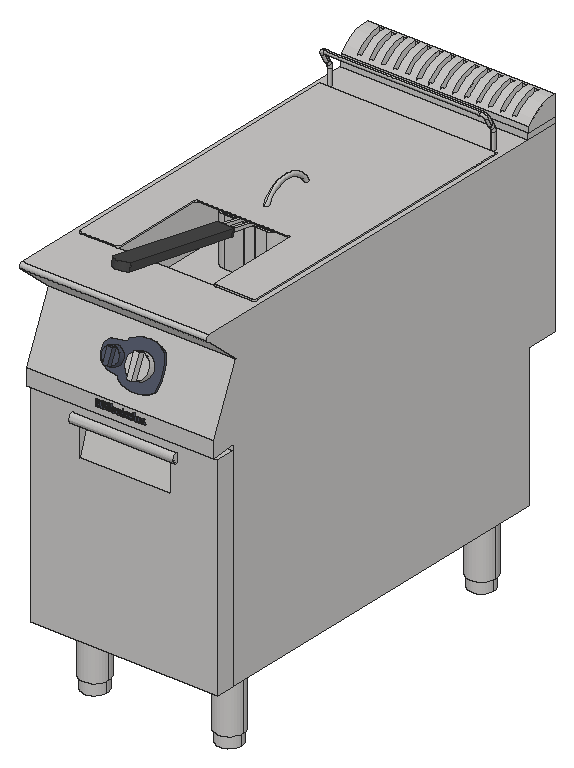
Revit family "QF_ELECTROLUXPROFESSIONAL_391599_E9KKETBAMCI", category Attrezzature speciali, Revit 2021 (continued)
Automatic sketch dimensions
  Extrusion 21 sketch curve to Extrusion 21 sketch curve = 2.51 mm
  Extrusion 21 sketch curve to Extrusion 21 sketch curve = 0.187 mm
  Extrusion 21 sketch curve to Extrusion 21 sketch curve = 2.559 mm
  Extrusion 21 sketch curve to Extrusion 21 sketch curve = 1.556 mm
  Extrusion 21 sketch curve to Extrusion 21 sketch curve = 0.222 mm
  Extrusion 21 sketch curve to Extrusion 21 sketch curve = 1.383 mm
  Extrusion 21 sketch curve to Extrusion 21 sketch curve = 3.114 mm
  Extrusion 21 sketch curve to Extrusion 21 sketch curve = 3.376 mm
  Extrusion 21 sketch curve to Extrusion 21 sketch curve = 0.934 mm
  Extrusion 21 sketch curve to Extrusion 21 sketch curve = 0.191 mm
  Extrusion 21 sketch curve to Extrusion 21 sketch curve = 3.696 mm
  Extrusion 21 sketch curve to Extrusion 21 sketch curve = 2.708 mm
  Extrusion 21 sketch curve to Extrusion 21 sketch curve = 3.333 mm
  Extrusion 21 sketch curve to Extrusion 21 sketch curve = 0.332 mm
  Extrusion 21 sketch curve to Extrusion 21 sketch curve = 1.087 mm
  Extrusion 21 sketch curve to Extrusion 21 sketch curve = 2.23 mm
  Extrusion 21 sketch curve to Extrusion 21 sketch curve = 2.757 mm
  Extrusion 21 sketch curve to Extrusion 21 sketch curve = 0.987 mm
  Extrusion 21 sketch curve to Extrusion 21 sketch curve = 1.529 mm
  Extrusion 21 sketch curve to Extrusion 21 sketch curve = 1.796 mm
  Extrusion 21 sketch curve to Extrusion 21 sketch curve = 2.859 mm
  Extrusion 21 sketch curve to Extrusion 21 sketch curve = 0.853 mm
  Extrusion 21 sketch curve to Extrusion 21 sketch curve = 1.241 mm
  Extrusion 21 sketch curve to Extrusion 21 sketch curve = 2.046 mm  (x2)
  Extrusion 21 sketch curve to Extrusion 21 sketch curve = 2.422 mm
  Extrusion 21 sketch curve to Extrusion 21 sketch curve = 0.27 mm  (x2)
  Extrusion 21 sketch curve to Extrusion 21 sketch curve = 0.69 mm
  Extrusion 21 sketch curve to Extrusion 21 sketch curve = 0.781 mm  (x2)
  Extrusion 21 sketch curve to Extrusion 21 sketch curve = 3.136 mm
  Extrusion 21 sketch curve to Extrusion 21 sketch curve = 1.767 mm
  Extrusion 21 sketch curve to Extrusion 21 sketch curve = 0.138 mm
  Extrusion 21 sketch curve to Extrusion 21 sketch curve = 0.777 mm
  Extrusion 21 sketch curve to Extrusion 21 sketch curve = 1.19 mm
  Extrusion 21 sketch curve to Extrusion 21 sketch curve = 0.782 mm
  Extrusion 21 sketch curve to Extrusion 21 sketch curve = 1.268 mm
  Extrusion 21 sketch curve to Extrusion 21 sketch curve = 0.422 mm  (x2)
  Extrusion 21 sketch curve to Extrusion 21 sketch curve = 1.559 mm
  Extrusion 21 sketch curve to Extrusion 21 sketch curve = 3.927 mm
  Extrusion 21 sketch curve to Extrusion 21 sketch curve = 0.983 mm
  Extrusion 21 sketch curve to Extrusion 21 sketch curve = 1.134 mm
  Extrusion 21 sketch curve to Extrusion 21 sketch curve = 0.094 mm
  Extrusion 21 sketch curve to Extrusion 21 sketch curve = 1.584 mm
  Extrusion 21 sketch curve to Extrusion 21 sketch curve = 0.916 mm
  Extrusion 21 sketch curve to Extrusion 21 sketch curve = 0.352 mm
  Extrusion 21 sketch curve to Extrusion 21 sketch curve = 0.458 mm
  Extrusion 21 sketch curve to Extrusion 21 sketch curve = 1.282 mm
  Extrusion 21 sketch curve to Extrusion 21 sketch curve = 0.685 mm
  Extrusion 21 sketch curve to Extrusion 21 sketch curve = 0.905 mm
  Extrusion 21 sketch curve to Extrusion 21 sketch curve = 2.865 mm
  Extrusion 21 sketch curve to Extrusion 21 sketch curve = 0.472 mm
  Extrusion 21 sketch curve to Extrusion 21 sketch curve = 0.101 mm
  Extrusion 21 sketch curve to Extrusion 21 sketch curve = 0.54 mm
  Extrusion 21 sketch curve to Extrusion 21 sketch curve = 0.02 mm
  Extrusion 21 sketch curve to Extrusion 21 sketch curve = 0.468 mm
  Extrusion 21 sketch curve to Extrusion 21 sketch curve = 0.829 mm
  Extrusion 21 sketch curve to Extrusion 21 sketch curve = 0.582 mm
  Extrusion 21 sketch curve to Extrusion 21 sketch curve = 0.166 mm
  Extrusion 21 sketch curve to Extrusion 21 sketch curve = 0.16 mm
  Extrusion 21 sketch curve to Extrusion 21 sketch curve = 2.781 mm
  Extrusion 21 sketch curve to Extrusion 21 sketch curve = 1.118 mm
  Extrusion 21 sketch curve to Extrusion 21 sketch curve = 0.613 mm
  Extrusion 21 sketch curve to Extrusion 21 sketch curve = 0.361 mm
  Extrusion 21 sketch curve to Extrusion 21 sketch curve = 0.897 mm
  Extrusion 21 sketch curve to Extrusion 21 sketch curve = 0.167 mm
  Extrusion 21 sketch curve to Extrusion 21 sketch curve = 0.292 mm
  Extrusion 21 sketch curve to Extrusion 21 sketch curve = 0.305 mm
  Extrusion 21 sketch curve to Extrusion 21 sketch curve = 1.557 mm
  Extrusion 21 sketch curve to Extrusion 21 sketch curve = 2.499 mm
  Extrusion 21 sketch curve to Extrusion 21 sketch curve = 3.062 mm
  Extrusion 21 sketch curve to Extrusion 21 sketch curve = 2.968 mm
  Extrusion 21 sketch curve to Extrusion 21 sketch curve = 5.044 mm
  Extrusion 21 sketch curve to Extrusion 21 sketch curve = 0.629 mm  (x2)
  Extrusion 21 sketch curve to Extrusion 21 sketch curve = 1.131 mm
  Extrusion 21 sketch curve to Extrusion 21 sketch curve = 0.137 mm
  Extrusion 21 sketch curve to Extrusion 21 sketch curve = 0.027 mm
  Extrusion 21 sketch curve to Extrusion 21 sketch curve = 2.235 mm
  Extrusion 22 sketch curve to Extrusion 22 sketch curve = 0 mm  (x2)
  Extrusion 22 sketch curve to plane 7 "Center Y" = 7.904 mm
  Extrusion 22 sketch curve to plane 7 "Center Y" = 14.86 mm
  Extrusion 22 sketch curve to Extrusion 22 sketch curve = 112.63 mm
  Extrusion 22 sketch curve to Extrusion 22 sketch curve = 1.398 mm
  Extrusion 22 sketch curve to Extrusion 22 sketch curve = 5.918 mm
  Extrusion 22 sketch curve to Extrusion 22 sketch curve = 7.825 mm
  Extrusion 22 sketch curve to Extrusion 22 sketch curve = 12.433 mm
  Extrusion 22 sketch curve to Extrusion 22 sketch curve = 33.329 mm
  Extrusion 22 sketch curve to Extrusion 22 sketch curve = 28.808 mm
  Extrusion 22 sketch curve to Extrusion 22 sketch curve = 2.986 mm
  Extrusion 22 sketch curve to Extrusion 22 sketch curve = 35.441 mm
  Extrusion 22 sketch curve to Extrusion 22 sketch curve = 23.969 mm
  Extrusion 22 sketch curve to plane 7 "Center Y" = 15.937 mm
  Extrusion 22 sketch curve to Extrusion 22 sketch curve = 31.993 mm
  Extrusion 22 sketch curve to Extrusion 22 sketch curve = 0.131 mm
  Extrusion 22 sketch curve to Extrusion 22 sketch curve = 36.738 mm
  Extrusion 22 sketch curve to Extrusion 22 sketch curve = 6.105 mm
  plane 7 "Center Y" to Extrusion 22 sketch curve = 23.064 mm
  Extrusion 22 sketch curve to Extrusion 22 sketch curve = 0.002 mm
  Extrusion 22 sketch curve to Extrusion 22 sketch curve = 38.412 mm
  Extrusion 22 sketch curve to Extrusion 22 sketch curve = 11.842 mm
  Extrusion 24 sketch curve to Extrusion 24 sketch curve = 24.732 mm
  Extrusion 24 sketch curve to Extrusion 24 sketch curve = 0 mm
  Extrusion 26 sketch curve to Extrusion 26 sketch curve = 0 mm
  Extrusion 26 sketch curve to Extrusion 26 sketch curve = 7.232 mm  (x3)
  Extrusion 26 sketch curve to Extrusion 26 sketch curve = 17.5 mm
  Extrusion 26 sketch curve to Extrusion 26 sketch curve = 5.786 mm
  plane 10 "TOP A" to Extrusion 28 sketch curve = 2.752 mm
  Extrusion 28 sketch curve to Extrusion 28 sketch curve = 2.306 mm
  Extrusion 28 sketch curve to Extrusion 28 sketch curve = 42.039 mm
  Extrusion 28 sketch curve to Extrusion 28 sketch curve = 6.254 mm
  Extrusion 28 sketch curve to Extrusion 28 sketch curve = 59.061 mm
  Extrusion 3 sketch curve to plane 8 "Center X" = 115.196 mm
  Sweep 4 sketch curve to plane 8 "Center X" = 56.67 mm
  Extrusion 14 sketch curve to plane 18 = 83.25 mm
  Extrusion 14 sketch curve to Extrusion 14 sketch curve = 7.158 mm
  Extrusion 14 sketch curve to Extrusion 14 sketch curve = 18.997 mm
  Extrusion 15 sketch curve to plane 8 "Center X" = 80.89 mm
  Extrusion 28 sketch curve to plane 18 = 83.25 mm
  Extrusion 28 sketch curve to Extrusion 28 sketch curve = 7.158 mm
  Extrusion 28 sketch curve to Extrusion 28 sketch curve = 5.916 mm
  Extrusion 29 sketch curve to plane 15 = 24 mm
  plane 16 to Extrusion 29 sketch curve = 24 mm
  Extrusion 29 sketch curve to plane 5 "FRONT" = 30 mm
  Extrusion 29 sketch curve to plane 21 = 177 mm
  curve 94 to curve 95 = 0 mm
  curve 101 to curve 102 = 0 mm
  curve 27 to plane 4 "RIGHT" = 0 mm
  curve 23 to plane 4 "RIGHT" = 0 mm
  plane 5 "FRONT" to curve 24 = 0 mm
  curve 116 to plane 23 = 0 mm
  curve 4 to plane 3 "LEFT" = 0 mm
  plane 1 "BACK" to curve 29 = 0 mm
  plane 5 "FRONT" to curve 3 = 0 mm
  plane 5 "FRONT" to curve 1 = 0 mm
  curve 17 to plane 4 "RIGHT" = 11.548 mm
  curve 16 to curve 16 = 6.218 mm
  curve 109 to curve 16 = 0 mm
  curve 17 to curve 102 = 9.722 mm
  curve 103 to curve 106 = 3.955 mm
  curve 102 to curve 102 = 3.999 mm
  curve 106 to curve 107 = 1.398 mm
  curve 92 to plane 22 = 15.347 mm
  curve 104 to curve 105 = 2.174 mm
  curve 107 to curve 25 = 2.65 mm
  curve 91 to plane 22 = 6.051 mm
  plane 15 to curve 86 = 0.859 mm
  curve 87 to plane 15 = 8.437 mm
  curve 24 to plane 15 = 18.24 mm
  curve 116 to plane 15 = 24 mm
  curve 87 to curve 84 = 16.193 mm
  curve 84 to curve 83 = 9.296 mm
  curve 15 to plane 15 = 37.387 mm
  curve 15 to curve 14 = 6.325 mm
  curve 13 to curve 13 = 6.35 mm
  curve 83 to curve 80 = 16.193 mm
  curve 80 to curve 79 = 9.296 mm
  plane 1 "BACK" to curve 77 = 6.761 mm
  curve 78 to curve 77 = 16.193 mm
  curve 76 to curve 75 = 9.296 mm
  curve 75 to curve 72 = 16.193 mm
  curve 72 to curve 71 = 9.296 mm
  plane 7 "Center Y" to curve 37 = 18.613 mm
  curve 71 to curve 68 = 16.193 mm
  curve 30 to curve 37 = 3.5 mm
  curve 32 to curve 108 = 0.579 mm
  curve 108 to curve 35 = 5.857 mm
  plane 7 "Center Y" to curve 67 = 8.121 mm
  plane 7 "Center Y" to curve 19 = 4.443 mm
  curve 112 to plane 7 "Center Y" = 0.005 mm
  curve 113 to plane 7 "Center Y" = 0.005 mm
  curve 21 to plane 7 "Center Y" = 0.006 mm
  curve 64 to plane 7 "Center Y" = 8.071 mm
  curve 33 to plane 7 "Center Y" = 8.686 mm
  curve 33 to curve 34 = 5.857 mm
  curve 34 to curve 32 = 0.57 mm
  curve 62 to curve 63 = 9.296 mm
  curve 112 to plane 7 "Center Y" = 18.622 mm
  curve 63 to curve 60 = 16.193 mm
  curve 58 to curve 59 = 9.296 mm
  curve 59 to curve 57 = 16.193 mm
  curve 56 to curve 55 = 9.296 mm
  plane 1 "BACK" to curve 53 = 6.761 mm
  curve 54 to curve 53 = 16.193 mm
  curve 52 to curve 51 = 9.296 mm
  plane 16 to curve 11 = 47.563 mm
  curve 11 to curve 10 = 6.35 mm
  curve 9 to curve 9 = 6.272 mm
  curve 51 to curve 49 = 16.193 mm
  curve 46 to curve 46 = 9.296 mm
  plane 16 to curve 114 = 24 mm
  plane 16 to curve 45 = 8.487 mm
  plane 16 to curve 23 = 3.881 mm
  curve 43 to plane 16 = 0.809 mm
  plane 1 "BACK" to curve 41 = 6.761 mm
  curve 42 to curve 41 = 16.193 mm
  curve 25 to plane 16 = 24.082 mm
  curve 100 to curve 98 = 0.475 mm
  curve 40 to curve 39 = 9.296 mm
  curve 25 to curve 97 = 2.65 mm
  curve 97 to curve 99 = 1.398 mm
  plane 12 to curve 94 = 3.22 mm
  curve 94 to curve 94 = 3.999 mm
  curve 26 to curve 98 = 6.218 mm
  plane 3 "LEFT" to curve 7 = 17.965 mm
  curve 7 to curve 7 = 6.416 mm
  curve 23 to curve 4 = 4.082 mm
  plane 1 "BACK" to curve 90 = 6.761 mm
  plane 1 "BACK" to curve 89 = 6.761 mm
  plane 1 "BACK" to curve 85 = 6.761 mm
  plane 1 "BACK" to curve 81 = 6.761 mm
  plane 1 "BACK" to curve 73 = 6.761 mm
  plane 1 "BACK" to curve 69 = 6.761 mm
  plane 1 "BACK" to curve 65 = 6.761 mm
  plane 1 "BACK" to curve 61 = 6.761 mm
  plane 1 "BACK" to curve 57 = 6.761 mm
  plane 1 "BACK" to curve 49 = 6.761 mm
  plane 1 "BACK" to curve 45 = 6.761 mm
  curve 46 to curve 47 = 57.15 mm
  curve 66 to curve 68 = 57.15 mm
  curve 65 to curve 67 = 0 mm
  curve 86 to curve 88 = 57.15 mm
  curve 88 to curve 91 = 0 mm
  curve 85 to curve 87 = 0 mm
  curve 68 to curve 71 = 0 mm
  curve 81 to curve 83 = 0 mm
  curve 61 to curve 63 = 0 mm
  curve 39 to curve 47 = 0 mm
  curve 40 to curve 43 = 0 mm
  curve 57 to curve 59 = 0 mm
  curve 72 to curve 75 = 0 mm
  curve 48 to curve 51 = 0 mm
  curve 39 to curve 27 = 7.979 mm
  plane 12 to curve 101 = 3.22 mm
  curve 95 to curve 110 = 8.085 mm
  curve 101 to curve 111 = 8.085 mm
  curve 102 to curve 28 = 8.085 mm
  curve 111 to curve 100 = 2.442 mm
  curve 111 to curve 107 = 2.442 mm
  curve 100 to curve 98 = 2.87 mm
  curve 107 to curve 105 = 2.87 mm
  curve 98 to curve 97 = 3.923 mm
  curve 107 to curve 106 = 0.8 mm
  plane 8 "Center X" to curve 21 = 51.156 mm
  curve 20 to plane 8 "Center X" = 55.62 mm
  curve 19 to curve 35 = 59.576 mm
  curve 34 to curve 36 = 49.617 mm
  curve 108 to curve 37 = 3.381 mm
  curve 32 to curve 31 = 3.39 mm
  curve 14 to plane 13 = 19.182 mm
  curve 7 to plane 13 = 19.151 mm
  curve 16 to plane 13 = 19.075 mm
  curve 109 to plane 13 = 12.735 mm
  curve 23 to plane 5 "FRONT" = 57 mm
  curve 113 to plane 5 "FRONT" = 34.946 mm
  curve 113 to curve 112 = 3.043 mm
  curve 112 to curve 113 = 9.034 mm
  curve 113 to curve 31 = 3.111 mm
  radius of Sweep 4 sketch curve = 4.353 mm
  radius of Sweep 20 sketch curve = 4 mm
  radius of Extrusion 23 sketch curve = 25.4 mm
  radius of Extrusion 24 sketch curve to Extrusion 23 = 0 mm  (x2)
  radius of Extrusion 25 sketch curve = 18.37 mm
  radius of Extrusion 27 sketch curve = 6.35 mm
Connectors
  piping at (355, -715, 135), diameter 12.8
    settings: on Extrusion 27, index 1, connector inside diameter 0.50394", connector length 0 mm, flow factor 0, pipe flow 0 GPM, pressure drop 0.00 psi, fitting loss kfactor 0, connector angle 0.00°, fixture units 0, engagement length 0 mm, angle of deflection 0.00°, flow configuration 1, flow direction 1, fitting loss method 0, system type 7, joint type 0, gender type 0, connector reference index -1, connector utility 0, adjustable connector no, is connector primary yes, connector description "GAS CONNECTION"
